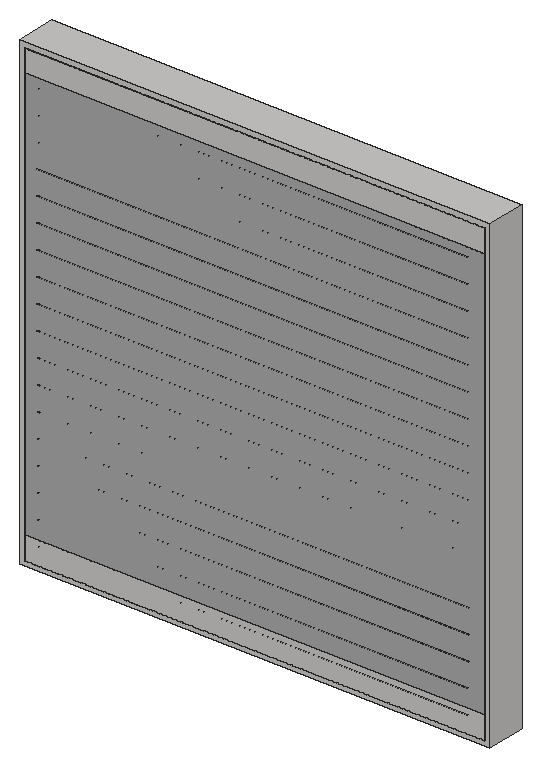
Revit family
Parameters (values of type "Louver_Frmd-Mtl_SFV-445_All-Lite")
  URL = "http://www.alllite-louvers.com"
  Specifications = "http://www.alllite-louvers.com/catalog/ASFV-445-csi-specification.doc"
  Spacing = 0.208 ft
  SmartBIM Object Version = 3  # constant formula
  SmartBIM Object Created By = "Reed Construction Data"  # constant formula
  Shim Thickness = 0.042 ft
  Screen Width = Width - (2 * Shim Thickness)  # 3.916 ft
  Screen Height = Height - ((2 * 0.197917 ft) + (2 * Shim Thickness))  # 3.520167 ft
  Screen = Aluminum
  Rough Width = 0.0 ft
  Rough Height = 0.0 ft
  Product URL = "http://www.alllite-louvers.com/catalog.php?model=SFV-445"
  Pressure Loss (in.wg.) = "0.25"  # constant formula
  OmniClass Title = "Exterior Louvers and Grilles"  # constant formula
  OmniClass Code = "23-60 11 17"  # constant formula
  Model Number = "SFV-445"  # constant formula
  Minimum Size = "12\" x 12\""
  Maximum Size - Single Section = "60\" x 120\" or 120\" x 60\""
  Maximum Size - Multiple Section = "Unlimited"
  Manufacturer = "All-Lite"  # constant formula
  Louver Width = Width - (2 * Shim Thickness) - 0.166667 ft  # 3.749333 ft
  Louver = Galvannealed Steel
  Height = 4.0 ft
  Free Area for 48”x48” Louver = "38.0%"
  Free Area Velocity (fpm) = "600"  # constant formula
  Free Area (ft²) for 48"x48" Louver = 6.1 ft
  Frame = Galvannealed Steel
  Default Sill Height = 3.0 ft
  Wall Closure = (empty or 0)
  Width = 4.0 ft
  Cut Sheet = "http://www.alllite-louvers.com/catalog/ASFV445.pdf"
  Assembly Code = "B2010300"
  Air Volume Delivered (cfm) = "3,648"  # constant formula
  95 CSI = "10200 "  # constant formula
  04 CSI = "08 91 00"  # constant formula
  # of Louvers = (Height - 0.25 ft) / (Spacing)  # 18
Reference planes (ft)
  plane 1 "Center (Front/Back)": y = 0
  plane 2: z = 0.291667
  plane 3 "Center (Left/Right)": x = 0
  plane 4 "Left": x = -2
  plane 5 "Right": x = 2
  plane 6 "Sill": z = 3.291667
  plane 7 "Top": z = 7.291667
  plane 8: x = -1.958
  plane 9: x = 1.958
  plane 10: z = 7.249667
  plane 11: z = 3.333667
  plane 12: z = 5.291667
  plane 13: z = 3.417
  plane 14: z = 3.458667
  plane 15: z = 7.166333
Forms (ft)
  Sweep 1, solid, material "Galvannealed Steel" <- "Frame"
    path origin (-5, 0.333333, 0) x (-1, 0, 0) y (0, 0, 1)
      loop
        line (-6.958, 7.249667) -> (-3.042, 7.249667)
    profile "Horizontal Mullion : Horizontal Mullion" origin (0, 0.333333, 7.249667) x (0, 0, 1) y (0, 1, 0)
      loop
        line (0, 0) -> (-0.083333, 0) -> (-0.083333, -0.333211) -> (-0.197917, -0.333211) -> (-0.197917, -0.339961) -> (0, -0.339961) -> (0, -0.298295) -> (-0.00675, -0.298295) -> (-0.00675, -0.333211) -> (-0.076583, -0.333211) -> (-0.076583, -0.006628) -> (-0.00675, -0.006628) -> (-0.00675, -0.041545) -> (0, -0.041545) -> (0, 0)
  Sweep 2, solid, material "Galvannealed Steel" <- "Frame"
    path origin (-5, 0.333333, 0) x (-1, 0, 0) y (0, 0, 1)
      loop
        line (-6.958, 3.333667) -> (-3.042, 3.333667)
    profile "Horizontal Mullion : Horizontal Mullion" origin (0, 0.333333, 3.333667) x (0, 0, 1) y (0, 1, 0)
      loop
        line (0, 0) -> (0, -0.041545) -> (0.00675, -0.041545) -> (0.00675, -0.006628) -> (0.076583, -0.006628) -> (0.076583, -0.333211) -> (0.00675, -0.333211) -> (0.00675, -0.298295) -> (0, -0.298295) -> (0, -0.339961) -> (0.197917, -0.339961) -> (0.197917, -0.333211) -> (0.083333, -0.333211) -> (0.083333, 0) -> (0, 0)
  Sweep 3, solid, material "Galvannealed Steel" <- "Frame"
    path origin (-5, 0.333333, 0) x (-1, 0, 0) y (0, 0, 1)
      loop
        line (-6.958, 3.417) -> (-6.958, 7.166333)
    profile "Vertical Mullion : Vertical Mullion" origin (1.958, 0.333333, 5.291667) x (1, 0, 0) y (0, 1, 0)
      loop
        line (0, -0.302083) -> (-0.010417, -0.302083) -> (-0.010417, -0.322917) -> (-0.072917, -0.322917) -> (-0.072917, -0.010417) -> (-0.010417, -0.010417) -> (-0.010417, -0.03125) -> (0, -0.03125) -> (0, 0) -> (-0.083333, 0) -> (-0.083333, -0.333333) -> (0, -0.333333) -> (0, -0.302083)
  Sweep 4, solid, material "Galvannealed Steel" <- "Frame"
    path origin (5, 0.333333, 0) x (1, 0, 0) y (0, 0, -1)
      loop
        line (-6.958, -3.417) -> (-6.958, -7.166333)
    profile "Vertical Mullion : Vertical Mullion" origin (-1.958, 0.333333, 5.291667) x (1, 0, 0) y (0, 1, 0)
      loop
        line (0, -0.302083) -> (0, -0.333333) -> (0.083333, -0.333333) -> (0.083333, 0) -> (0, 0) -> (0, -0.03125) -> (0.010417, -0.03125) -> (0.010417, -0.010417) -> (0.072917, -0.010417) -> (0.072917, -0.322917) -> (0.010417, -0.322917) -> (0.010417, -0.302083) -> (0, -0.302083)
  Sweep 5, solid, material "Galvannealed Steel" <- "Frame"
    path origin (-5, 0.333333, 0) x (-1, 0, 0) y (0, 0, 1)
      loop
        line (-3, 7.291667) -> (-7, 7.291667) -> (-7, 3.291667) -> (-3, 3.291667) -> (-3, 7.291667)
    profile origin (-2, 0.333333, 5.291667) x (0, 1, 0) y (-1, 0, 0)
      loop
        line (0, 0) -> (-0.339961, 0) -> (-0.339961, -0.042) -> (0, -0.042) -> (0, 0)
  Extrusion 6, solid, material "Aluminum" <- "Screen"
    sketch origin (0, 0, 0) x (1, 0, 0) y (0, 1, 0)
      loop
        line (-1.958, 0) -> (-1.958, -0.006628) -> (1.958, -0.006628) -> (1.958, 0) -> (-1.958, 0)
    from 3.531583 to 7.05175
Lines and regions (ft)
  Opening 1
    outline origin (-5, -0.333333, 0) x (1, 0, 0) y (0, 0, 1)
      loop
        line (3, 7.291667) -> (3, 3.291667) -> (7, 3.291667) -> (7, 7.291667) -> (3, 7.291667)
  Masking region 1, detail levels fine
    outline origin (0, 0, 0) x (1, 0, 0) y (0, 1, 0)
      loop
        line (-1.947583, 0.03125) -> (-1.958, 0.03125) -> (-1.958, 0) -> (-1.874667, 0) -> (-1.874667, 0.333333) -> (-1.958, 0.333333) -> (-1.958, 0.302083) -> (-1.947583, 0.302083) -> (-1.947583, 0.322917) -> (-1.885083, 0.322917) -> (-1.885083, 0.010417) -> (-1.947583, 0.010417) -> (-1.947583, 0.03125)
      loop
        line (1.958, 0.333333) -> (1.874667, 0.333333) -> (1.874667, 0) -> (1.958, 0) -> (1.958, 0.03125) -> (1.947583, 0.03125) -> (1.947583, 0.010417) -> (1.885083, 0.010417) -> (1.885083, 0.322917) -> (1.947583, 0.322917) -> (1.947583, 0.302083) -> (1.958, 0.302083) -> (1.958, 0.333333)
  Masking region 2, detail levels coarse+medium
    outline origin (0, 0, 0) x (1, 0, 0) y (0, 1, 0)
      loop
        line (-1.874667, 0.333333) -> (-2, 0.333333) -> (-2, -0.006628) -> (-1.874667, -0.006628) -> (-1.874667, 0.333333)
      loop
        line (2, -0.006628) -> (2, 0.333333) -> (1.874667, 0.333333) -> (1.874667, -0.006628) -> (2, -0.006628)
Text (ft)
  text "EXTERIOR" at (-4.890733, 4.242245, 0), in view "Ref. Level"
  text "INTERIOR" at (-4.890733, -3.147199, 0), in view "Ref. Level"
  text "Exterior" at (0, 3.638026, 10.266337), in view "Left"
  text "Exterior" at (0, 1.524487, 10.420622), in view "Right"
Dimensions and locks (ft)
  equal spacing: plane 4 "Left", plane 3 "Center (Left/Right)", plane 5 "Right"
  "Width": plane 4 "Left" to plane 5 "Right"
  "Height": plane 6 "Sill" to plane 7 "Top"
  "Default Sill Height": plane 2 to plane 6 "Sill"
  "Shim Thickness": plane 4 "Left" to plane 8
  "Shim Thickness": plane 9 to plane 5 "Right"
  "Shim Thickness": plane 10 to plane 7 "Top"
  "Shim Thickness": plane 6 "Sill" to plane 11
  equal spacing: plane 11, plane 12, plane 10
  locked: plane 13 to plane 11 at 0.083333
  locked: plane 14 to plane 13 at 0.041667
  equal spacing: group 1, group 3, group 4, group 5, group 6, group 7, group 8, group 9, group 10, group 11, group 12, group 13, group 14, group 15, group 16, group 17, group 18, group 2  (x3)
  locked: plane 10 to plane 15 at 0.083333
  locked: Sweep 5 sketch curve to Sweep 4 at 0.006628
  aligned and locked: plane 7 "Top" to Opening 1 sketch curve
  aligned and locked: plane 6 "Sill" to Opening 1 sketch curve  (x2)
  aligned and locked: plane 5 "Right" to Opening 1 sketch curve
  aligned and locked: plane 4 "Left" to Opening 1 sketch curve
  aligned and locked: plane 10 to Sweep 1 sketch curve
  aligned and locked: plane 8 to Sweep 1 sketch curve
  aligned and locked: plane 9 to Sweep 1 sketch curve
  aligned and locked: Sweep 2 sketch curve to plane 11
  aligned and locked: plane 9 to Sweep 2 sketch curve
  aligned and locked: plane 8 to Sweep 2 sketch curve
  aligned and locked: plane 9 to Sweep 3 sketch curve
  aligned and locked: Sweep 4 sketch curve to plane 8
  aligned and locked: Sweep 1 to Sweep 4 sketch curve
  aligned and locked: Sweep 5 sketch curve to plane 4 "Left"
  aligned and locked: Sweep 5 sketch curve to plane 7 "Top"
  aligned and locked: Sweep 5 sketch curve to plane 6 "Sill"
  aligned and locked: Sweep 5 sketch curve to plane 5 "Right"
  aligned and locked: Sweep 5 sketch curve to host wall  (x2)
  aligned and locked: plane 8 to Sweep 5 sketch curve
  aligned and locked: plane 3 "Center (Left/Right)" to nested 1
  aligned and locked: Sweep 3 sketch curve to Sweep 1
  aligned and locked: plane 13 to Sweep 3 sketch curve
  aligned and locked: Extrusion 6 sketch curve to plane 8
  aligned and locked: Extrusion 6 sketch curve to Sweep 4
  aligned and locked: Extrusion 6 sketch curve to Sweep 2
  aligned and locked: plane 9 to Extrusion 6 sketch curve
  aligned and locked: Extrusion 6 to Sweep 2
  aligned and locked: Extrusion 6 to Sweep 1
  aligned and locked: plane 14 to nested 1
  aligned and locked: nested 1 to Sweep 4
  aligned and locked: nested 2 to Sweep 4
  aligned and locked: plane 15 to nested 2
  aligned and locked: Extrusion 6 to Sweep 4
  aligned and locked: Masking region 1 sketch curve to Sweep 4  (x9)
  aligned and locked: Sweep 5 to Masking region 1 sketch curve  (x3)
  aligned and locked: Extrusion 6 to Masking region 1 sketch curve
  aligned and locked: Masking region 1 sketch curve to Sweep 3  (x9)
  aligned and locked: Masking region 1 sketch curve to Extrusion 6
  aligned and locked: Sweep 4 to Masking region 2 sketch curve
  aligned and locked: Masking region 2 sketch curve to Sweep 4
  aligned and locked: Masking region 2 sketch curve to Sweep 5  (x4)
  aligned and locked: Sweep 3 to Masking region 2 sketch curve
  aligned and locked: Masking region 2 sketch curve to Sweep 3
Automatic sketch dimensions
  Sweep 4 sketch curve to plane 13 = 0.0 ft
  Masking region 1 sketch curve to plane 8 = 0.0 ft
  Masking region 1 sketch curve to plane 9 = 0.0 ft  (x2)
Nested families (ft)
  nested 1: "Louver" at (0, 0.102022, 3.458667), type "Louver"
  nested 2: "Louver" at (0, 0.102022, 6.952792), type "Louver"
  nested 3: "Louver" at (0, 0.102022, 3.664203), type "Louver"
  nested 4: "Louver" at (0, 0.102022, 3.86974), type "Louver"
  nested 5: "Louver" at (0, 0.102022, 4.075277), type "Louver"
  nested 6: "Louver" at (0, 0.102022, 4.280814), type "Louver"
  nested 7: "Louver" at (0, 0.102022, 4.48635), type "Louver"
  nested 8: "Louver" at (0, 0.102022, 4.691887), type "Louver"
  nested 9: "Louver" at (0, 0.102022, 4.897424), type "Louver"
  nested 10: "Louver" at (0, 0.102022, 5.102961), type "Louver"
  nested 11: "Louver" at (0, 0.102022, 5.308498), type "Louver"
  nested 12: "Louver" at (0, 0.102022, 5.514034), type "Louver"
  nested 13: "Louver" at (0, 0.102022, 5.719571), type "Louver"
  nested 14: "Louver" at (0, 0.102022, 5.925108), type "Louver"
  nested 15: "Louver" at (0, 0.102022, 6.130645), type "Louver"
  nested 16: "Louver" at (0, 0.102022, 6.336181), type "Louver"
  nested 17: "Louver" at (0, 0.102022, 6.541718), type "Louver"
  nested 18: "Louver" at (0, 0.102022, 6.747255), type "Louver"
Connectors (ft)
  hvac at (0, -0.006628, 5.291667), driven by "Screen Width", driven by "Screen Height"
    settings: on Extrusion 6, index 1
Definition of nested family "Louver"
  Parameters (values of type "Louver")
    Louver Length = 3.75 ft
    Louver Array = yes
    Louver = none
    Assembly Code = ""
  Reference planes (ft)
    plane 1 "Center (Front/Back)": y = -0.085938
    plane 2: z = 0
    plane 3 "Center (Left/Right)": x = 0
    plane 4: x = -1.875
    plane 5: x = 1.875
    plane 6: y = 0.220894
    plane 7: z = 0.213542
  Forms (ft)
    Extrusion 1, solid, material <- "Louver"
      sketch origin (0, -0.026502, 0) x (0, 1, 0) y (0, 0, 1)
        loop
          line (0.242187, 0.061332) -> (0.242187, 0.010417)
          arc (0.242187, 0.010417) -> (0.240662, 0.006734) -> (0.236979, 0.005208) r 0.005208
          line (0.236979, 0.005208) -> (0.216146, 0.005208)
          arc (0.216146, 0.005208) -> (0.213542, 0.002604) -> (0.216146, 0) r 0.002604
          line (0.216146, 0) -> (0.242187, 0)
          arc (0.242187, 0) -> (0.24587, 0.001525) -> (0.247396, 0.005208) r 0.005208
          line (0.247396, 0.005208) -> (0.247396, 0.063489) -> (0.20862, 0.102265) -> (0.204935, 0.116019)
          arc (0.204935, 0.116019) -> (0.203587, 0.118354) -> (0.201252, 0.119702) r 0.005208
          line (0.201252, 0.119702) -> (0.18585, 0.123829) -> (0.097663, 0.212016)
          arc (0.097663, 0.212016) -> (0.09398, 0.213542) -> (0.090297, 0.212016) r 0.005208
          line (0.090297, 0.212016) -> (0.00211, 0.123829) -> (-0.013292, 0.119702)
          arc (-0.013292, 0.119702) -> (-0.015627, 0.118354) -> (-0.016975, 0.116019) r 0.005208
          line (-0.016975, 0.116019) -> (-0.02066, 0.102265) -> (-0.059436, 0.063489) -> (-0.059436, 0.005208)
          arc (-0.059436, 0.005208) -> (-0.05791, 0.001525) -> (-0.054228, 0) r 0.005208
          line (-0.054228, 0) -> (-0.028186, 0)
          arc (-0.028186, 0) -> (-0.025582, 0.002604) -> (-0.028186, 0.005208) r 0.002604
          line (-0.028186, 0.005208) -> (-0.049019, 0.005208)
          arc (-0.049019, 0.005208) -> (-0.052702, 0.006734) -> (-0.054228, 0.010417) r 0.005208
          line (-0.054228, 0.010417) -> (-0.054228, 0.061332) -> (-0.016977, 0.098582) -> (-0.003223, 0.102268)
          arc (-0.003223, 0.102268) -> (-0.000888, 0.103616) -> (0.00046, 0.105951) r 0.005208
          line (0.00046, 0.105951) -> (0.003703, 0.118057) -> (0.090297, 0.20465)
          arc (0.090297, 0.20465) -> (0.09398, 0.206176) -> (0.097663, 0.20465) r 0.005208
          line (0.097663, 0.20465) -> (0.184257, 0.118057) -> (0.1875, 0.105951)
          arc (0.1875, 0.105951) -> (0.188848, 0.103616) -> (0.191183, 0.102268) r 0.005208
          line (0.191183, 0.102268) -> (0.204937, 0.098582) -> (0.242187, 0.061332)
        loop
          line (0.189833, 0.117369) -> (0.191753, 0.110203)
          arc (0.191753, 0.110203) -> (0.193101, 0.107868) -> (0.195436, 0.10652) r 0.005208
          line (0.195436, 0.10652) -> (0.202602, 0.1046) -> (0.200682, 0.111766)
          arc (0.200682, 0.111766) -> (0.199334, 0.114101) -> (0.196999, 0.115449) r 0.005208
          line (0.196999, 0.115449) -> (0.189833, 0.117369)
        loop
          line (-0.001873, 0.117369) -> (-0.009039, 0.115449)
          arc (-0.009039, 0.115449) -> (-0.011374, 0.114101) -> (-0.012722, 0.111766) r 0.005208
          line (-0.012722, 0.111766) -> (-0.014642, 0.1046) -> (-0.007476, 0.10652)
          arc (-0.007476, 0.10652) -> (-0.005141, 0.107868) -> (-0.003793, 0.110203) r 0.005208
          line (-0.003793, 0.110203) -> (-0.001873, 0.117369)
      from -1.875 to 1.875
  Dimensions and locks (ft)
    equal spacing: plane 4, plane 3 "Center (Left/Right)", plane 5
    "Louver Length": plane 4 to plane 5
    aligned and locked: plane 5 to Extrusion 1
    aligned and locked: Extrusion 1 to plane 4
  Automatic sketch dimensions
    Extrusion 1 sketch curve to plane 1 "Center (Front/Back)" = 0.0 ft
    Extrusion 1 sketch curve to level = 0.0 ft  (x2)
    Extrusion 1 sketch curve to plane 6 = 0.0 ft
    Extrusion 1 sketch curve to plane 1 "Center (Front/Back)" = 0.005208 ft  (x2)
    Extrusion 1 sketch curve to Extrusion 1 sketch curve = 0.005208 ft
    Extrusion 1 sketch curve to Extrusion 1 sketch curve = 0.020833 ft
    Extrusion 1 sketch curve to plane 1 "Center (Front/Back)" = 0.038776 ft
    Extrusion 1 sketch curve to Extrusion 1 sketch curve = 0.003683 ft  (x12)
    Extrusion 1 sketch curve to Extrusion 1 sketch curve = 0.003685 ft  (x3)
    Extrusion 1 sketch curve to Extrusion 1 sketch curve = 0.002335 ft  (x2)
    Extrusion 1 sketch curve to Extrusion 1 sketch curve = 0.004253 ft  (x2)
    Extrusion 1 sketch curve to Extrusion 1 sketch curve = 0.000778 ft  (x8)
    Extrusion 1 sketch curve to Extrusion 1 sketch curve = 0.002905 ft  (x6)
    Extrusion 1 sketch curve to Extrusion 1 sketch curve = 0.003898 ft  (x2)
    Extrusion 1 sketch curve to Extrusion 1 sketch curve = 0.001133 ft  (x4)
    Extrusion 1 sketch curve to Extrusion 1 sketch curve = 0.000215 ft  (x4)
    Extrusion 1 sketch curve to Extrusion 1 sketch curve = 0.001348 ft  (x4)
    Extrusion 1 sketch curve to Extrusion 1 sketch curve = 0.007166 ft  (x2)
    Extrusion 1 sketch curve to Extrusion 1 sketch curve = 0.005031 ft
    Extrusion 1 sketch curve to Extrusion 1 sketch curve = 0.003982 ft  (x2)
    Extrusion 1 sketch curve to Extrusion 1 sketch curve = 0.001594 ft  (x2)
    Extrusion 1 sketch curve to plane 7 = 0.008891 ft  (x2)
    Extrusion 1 sketch curve to Extrusion 1 sketch curve = 0.086594 ft
    Extrusion 1 sketch curve to plane 7 = 0.001525 ft  (x2)
    Extrusion 1 sketch curve to Extrusion 1 sketch curve = 0.0 ft
    Extrusion 1 sketch curve to plane 6 = 0.063139 ft
    Extrusion 1 sketch curve to Extrusion 1 sketch curve = 0.003244 ft
    Extrusion 1 sketch curve to plane 6 = 0.03125 ft
    level to Extrusion 1 sketch curve = 0.005208 ft
    Extrusion 1 sketch curve to Extrusion 1 sketch curve = 0.010417 ft
    Extrusion 1 sketch curve to plane 6 = 0.005208 ft  (x2)
    Extrusion 1 sketch curve to Extrusion 1 sketch curve = 0.002604 ft
    Extrusion 1 sketch curve to Extrusion 1 sketch curve = 0.050915 ft  (x2)
    Extrusion 1 sketch curve to Extrusion 1 sketch curve = 0.002157 ft  (x2)
    Extrusion 1 sketch curve to Extrusion 1 sketch curve = 0.03725 ft  (x2)
    Extrusion 1 sketch curve to Extrusion 1 sketch curve = 0.006018 ft  (x2)
    Extrusion 1 sketch curve to Extrusion 1 sketch curve = 0.00192 ft  (x2)
    Extrusion 1 sketch curve to Extrusion 1 sketch curve = 0.000687 ft  (x2)
    Extrusion 1 sketch curve to Extrusion 1 sketch curve = 0.005772 ft  (x2)
    Extrusion 1 sketch curve to plane 7 = 0.005208 ft
